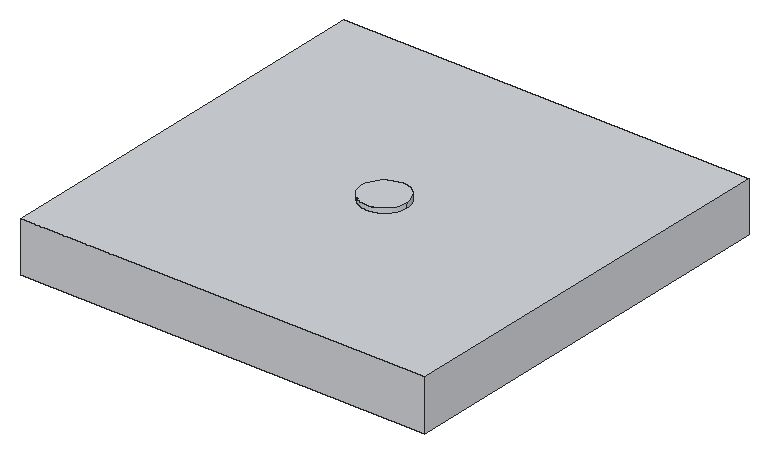
Revit family "M_Alto-falante - Redondo", category Dispositivos de comunicação, Revit 2019
Family settings
  Hospedeiro = Face
  Manter orientação da anotação = Sim
  Cota do conector redondo = Utilizar diâmetro
  Tipo de parte = Normal
  Número OmniClass = 23.85.10.11.11.21
  Título OmniClass = Speakers
  ID de item do Seek = Speaker - Round-0000-CAN-ENU
  Corte com vazios quando carregada = Não
  Compartilhado = Não
  Ponto de cálculo do ambiente = Não
Parameters (values of type "Padrão")
  Material do alto-falante = none
  Raio = Diâmetro * 0.5  # 136.5 mm
  Diâmetro = 273 mm
  Linear 1 = 25 mm
  Linear = 114 mm
  Elevação-padrão = 1200 mm
Reference planes
  plane 1 "Centro (Frente/Trás)": y = 0
  plane 2: z = 0
  plane 3 "Centro (Esquerda/Direita)": x = 0
  plane 4: z = 25
  plane 5: z = -89
Forms (mm)
  Extrusion 1, solid
    sketch origin (0, 0, 0) x (1, 0, 0) y (0, 1, 0)
      loop
        line (-1219.2, 1219.2) -> (-1219.2, -1219.2) -> (1219.2, -1219.2) -> (1219.2, 1219.2) -> (-1219.2, 1219.2)
    from 0 to -304.8
  Extrusion 2, solid, material <- "Material do alto-falante"
    sketch origin (0, 0, 0) x (1, 0, 0) y (0, 1, 0)
      loop
        circle (0, 0) r 136.5
    from -89 to 25
Lines and regions (mm)
  symbolic lines, detail levels fine
    curve 1: line (-101.6, 0, 0) -> (101.6, 0, 0)
    curve 2: arc (136.5, 0, 0) -> (0, 136.5, 0) -> (-136.5, 0, 0) r 136.5
    curve 3: arc (-136.5, 0, 0) -> (0, -136.5, 0) -> (136.5, 0, 0) r 136.5
Dimensions and locks
  "Linear 1": plane 4 to plane 2
  "Linear": plane 4 to plane 5
  "Raio": radius of Extrusion 2 sketch curve
  aligned and locked: plane 2 to Extrusion 1
  aligned and locked: level to Extrusion 1
  aligned and locked: plane 1 "Centro (Frente/Trás)" to Extrusion 2 sketch curve
  aligned and locked: plane 3 "Centro (Esquerda/Direita)" to Extrusion 2 sketch curve
  aligned and locked: plane 4 to Extrusion 2
  aligned and locked: Extrusion 2 to plane 5
  aligned and locked: curve 2 to Extrusion 2
  aligned and locked: curve 3 to Extrusion 2
  aligned and locked: plane 1 "Centro (Frente/Trás)" to nested 1
  aligned and locked: nested 1 to plane 3 "Centro (Esquerda/Direita)"
Automatic sketch dimensions
  Extrusion 1 sketch curve to Extrusion 1 sketch curve = 2438.4 mm  (x2)
  curve 1 to level = 0 mm
  curve 1 to plane 3 "Centro (Esquerda/Direita)" = 101.6 mm
  plane 3 "Centro (Esquerda/Direita)" to curve 1 = 101.6 mm
Nested families
  nested 1: "M_Alto-falante - Redondo anotação" at (0, 0, 0), type "Alto-falante - Anotação redonda", detail levels coarse+medium
Connectors
  electrical at (0, 0, -89)
    settings: on Extrusion 2, index 1, voltage 0 V, apparent load 0 VA, apparent load phase1 0 VA, apparent load phase2 0 VA, apparent load phase3 0 VA, power factor 1, load classification "Outros", number of poles 1, system type 14, power factor state 1, is connector primary yes, connector utility no, sub classification motor no, connector description ""
Definition of nested family "M_Alto-falante - Redondo anotação"
  Parameters
    Anotação de legenda = "S"
  Reference planes
    plane 1: y = 0
    plane 2: x = 0
  Lines and regions (mm)
    reference lines
      curve 1: line (-6.856, 0, 0) -> (8.926, 0, 0)
    detail lines
      curve 2: circle (0, 0, 0) r 2.381 normal (0, 0, 1)
  Text (mm)
    label "S" at (-0.967, -0.082, 0), shows "Anotação de legenda"
  Dimensions and locks
    locked: plane 1 to curve 1 at 0
    radius of curve 2 = 2.381 mm
    aligned and locked: plane 2 to curve 2
    aligned and locked: curve 1 to curve 2
